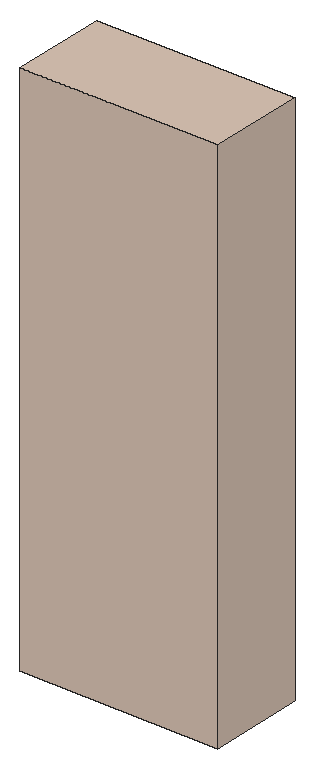
Revit family "Niche_NobleCompany_306", category Generic Models, host Wall, Revit 2014
Parameters (values of type "306 Narrow Arch Combo")
  Width = 0' - 8 1/4"
  URL = "www.noblecompany.com"
  Tile Thickness [instance] = 0' - 0 1/4"
  Thickness = 0' - 1 1/8"
  Specification = ""
  Sales Information = "http://noblecompany.com/contact/"
  Revision = "R1_09-2016"
  Product Properties = "http://noblecompany.com/products/noble-niches"
  Product Data = "http://www.arcat.com/arcatcos/cos34/arc34489.html"
  Niche Material = Acrylic Polymer Finish
  Model = "306"
  Manufacturer Website = "www.noblecompany.com"
  Manufacturer Phone - Toll Free = "800-878-5788"
  Manufacturer Phone = "231-799-8000"
  Manufacturer Fax = "231-799-8850"
  Manufacturer Address = "P. O. Box 350, Grand Haven, MI 49417-0350"
  Manufacturer = "Noble Company"
  Keynote = "10 28 00"
  Installation-Fabrication = "http://noblecompany.com/storage/docs/resources/NN062016-13_Noble_Niche_Installation_Instruction.pdf"
  Instal Height [instance] = 5' - 0"
  Height = 1' - 10 1/2"
  Drawn By = "Sumex Design - Robert S Weygant"
  Description = "306 Narrow Arch Combo Niche"
  Depth = 0' - 4"
  Copyright = "� 2016 ARCAT Inc."
  Construction Details = ""
  Assembly Code = "D2010700"
Reference planes (in)
  plane 1: y = 0
  plane 2 "Center (Left/Right)": x = 0
  plane 3 "Wall Edge": y = 3
  plane 4: x = -4.125
  plane 5: y = 2.75
  plane 6: y = -1.25
  plane 7: x = 4.125
  plane 8: z = 60
  plane 9: z = 37.5
  plane 10: x = -3
  plane 11: x = 3
  plane 12: y = -0.75
  plane 13: z = 38.75
  plane 14: z = 58.75
Forms (in)
  Extrusion 1, void
    sketch origin (0, 0, 0) x (1, 0, 0) y (0, 1, 0)
      loop
        line (-4.125, 2.75) -> (-4.125, -1.25) -> (4.125, -1.25) -> (4.125, 2.75) -> (-4.125, 2.75)
    from 37.5 to 60
  Extrusion 2, solid, material "Acrylic Polymer Finish" <- "Niche Material"
    sketch origin (0, 0, 0) x (1, 0, 0) y (0, 1, 0)
      loop
        line (-4.125, 2.75) -> (-4.125, -1.25) -> (4.125, -1.25) -> (4.125, 2.75) -> (-4.125, 2.75)
    from 37.5 to 60
  Extrusion 3, void
    sketch origin (0, 3, 0) x (1, 0, 0) y (0, 0, 1)
      loop
        line (3, 38.75) -> (3, 44.75) -> (-3, 44.75) -> (-3, 38.75) -> (3, 38.75)
      loop
        line (-3, 56.5) -> (-3, 46.5) -> (3, 46.5) -> (3, 56.5)
        arc (3, 56.5) -> (0, 58.75) -> (-3, 56.5) r 3.125
    from 0 to 3.75
Cuts and joins
  Extrusion 3 cuts Extrusion 2
Text (in)
  text "Placement Side" at (0, 40.15149, 123.01588), in view "Right"
  text "Placement Side" at (-105.78919, 39.84311, 0), in view "Ref. Level"
  text "Placement Side" at (0, 81.62555, 140.59947), in view "Left"
Dimensions and locks (in)
  host wall to plane 3 "Wall Edge" = 0' - 0"
  equal spacing: plane 4, plane 2 "Center (Left/Right)", plane 7
  "Width": plane 4 to plane 7
  "Depth": plane 5 to plane 6
  "Height": plane 9 to plane 8
  "Instal Height": level to plane 8
  locked: plane 12 to plane 6 at 0.5
  locked: plane 4 to plane 10 at 1.125
  locked: plane 11 to plane 7 at 1.125
  plane 14 to plane 8 = 0' - 1 1/4"
  locked: plane 9 to plane 13 at 1.25
  host wall to plane 5 = 0' - 0 1/4"
  "Tile Thickness": plane 5 to plane 3 "Wall Edge"
  locked: plane 13 to Extrusion 3 sketch curve at 6
  Extrusion 3 sketch curve to Extrusion 3 sketch curve = 0' - 1 3/4"
  aligned and locked: Extrusion 1 sketch curve to plane 5
  aligned and locked: plane 4 to Extrusion 1 sketch curve
  aligned and locked: plane 6 to Extrusion 1 sketch curve
  aligned and locked: plane 7 to Extrusion 1 sketch curve
  aligned and locked: plane 8 to Extrusion 1
  aligned and locked: Extrusion 1 to plane 9
  aligned and locked: Extrusion 2 sketch curve to plane 5
  aligned and locked: plane 4 to Extrusion 2 sketch curve
  aligned and locked: plane 6 to Extrusion 2 sketch curve
  aligned and locked: plane 7 to Extrusion 2 sketch curve
  aligned and locked: plane 8 to Extrusion 2
  aligned and locked: Extrusion 2 to plane 9
  aligned and locked: plane 11 to Extrusion 3 sketch curve
  aligned and locked: plane 10 to Extrusion 3 sketch curve
  aligned and locked: Extrusion 3 to plane 12
  aligned and locked: Extrusion 3 sketch curve to plane 13
  aligned and locked: Extrusion 3 to plane 3 "Wall Edge"
  aligned and locked: plane 3 "Wall Edge" to host wall
  aligned and locked: Extrusion 3 sketch curve to plane 11
  aligned and locked: Extrusion 3 sketch curve to plane 10
Automatic sketch dimensions
  Extrusion 3 sketch curve to plane 2 "Center (Left/Right)" = 0' - 0"
  Extrusion 3 sketch curve to plane 14 = 0' - 3 1/8"
  Extrusion 3 sketch curve to plane 14 = 0' - 2 1/4"
